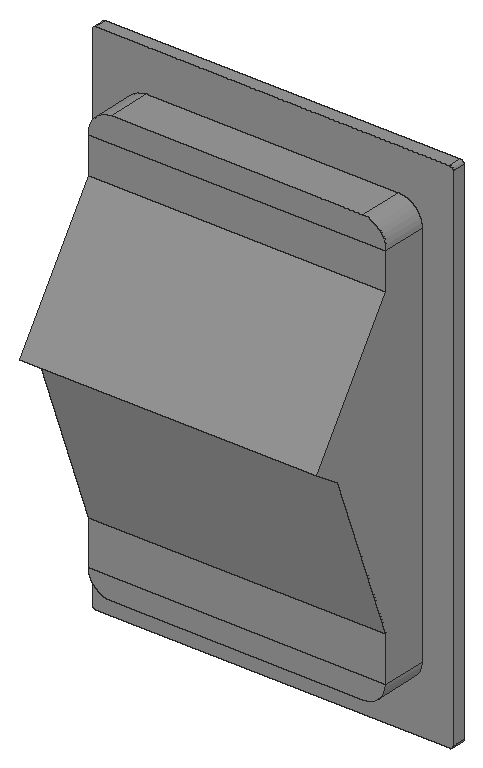
Revit family "L&L_LUCE&LIGHT_PASITO_MINI_1.1", category Lighting Fixtures, host Wall, Revit 2018 (continued)
Parameters (values of type "PASITO_MINI_1.1 – 60°")
    0.00 0.00 0.00 0.00 0.00 0.00 0.00 0.00 0.00 \r\n0.00 0.00 0.00 0.00 0.00 0.00 0.00 0.00 0.00 0.00 0.00 \r\n0.00 0.00 0.00 0.00 0.00 0.00 0.00 0.00 0.00 0.00 0.00 \r\n0.00 0.00 0.00 0.00 0.00 0.00 0.00 0.00 0.00 0.00 0.00 \r\n0.00 0.00 0.00 0.00 0.02 \r\n0.01 0.00 0.00 0.00 0.00 0.00 0.00 0.00 0.00 0.00 0.00 \r\n0.00 0.00 0.00 0.00 0.00 0.00 0.00 0.00 0.00 0.00 0.00 \r\n0.00 0.00 0.00 0.00 0.00 0.00 0.00 0.00 0.00 0.00 0.00 \r\n0.00 0.00 0.00 0.00 0.00 0.00 0.00 0.00 0.00 0.00 0.00 \r\n0.00 0.00 0.00 0.00 0.00 0.00 0.00 0.00 0.00 0.00 0.00 \r\n0.00 0.00 0.00 0.00 0.00 0.00 0.00 0.00 0.00 0.00 0.00 \r\n0.00 0.00 0.00 0.00 0.00 0.00 0.00 0.00 0.00 0.00 0.00 \r\n0.00 0.00 0.00 0.00 0.00 0.00 0.00 0.00 0.00 0.00 0.00 \r\n0.00 0.00 0.00 0.00 0.00 0.00 0.00 0.00 0.00 0.00 0.00 \r\n0.00 0.00 0.00 0.00 0.00 0.00 0.00 0.00 0.00 0.00 0.00 \r\n0.00 0.00 0.00 0.00 0.00 0.00 0.00 0.00 0.00 0.00 0.00 \r\n0.00 0.00 0.00 0.00 0.00 0.00 0.00 0.00 0.00 0.00 0.00 \r\n0.00 0.00 0.00 0.00 0.00 0.00 0.00 0.00 0.00 0.00 0.00 \r\n0.00 0.00 0.00 0.00 0.00 0.00 0.00 0.00 0.00 0.00 0.00 \r\n0.00 0.00 0.00 0.00 0.00 0.00 0.00 0.00 0.00 0.00 0.00 \r\n0.00 0.00 0.00 0.00 0.00 0.00 0.00 0.00 0.00 0.00 0.00 \r\n0.00 0.00 0.00 0.00 0.02 \r\n0.01 0.00 0.00 0.00 0.00 0.00 0.00 0.00 0.00 0.00 0.00 \r\n0.00 0.00 0.00 0.00 0.00 0.00 0.00 0.00 0.00 0.00 0.00 \r\n0.00 0.00 0.00 0.00 0.00 0.00 0.00 0.00 0.00 0.00 0.00 \r\n0.00 0.00 0.00 0.00 0.00 0.00 0.00 0.00 0.00 0.00 0.00 \r\n0.00 0.00 0.00 0.00 0.00 0.00 0.00 0.00 0.00 0.00 0.00 \r\n0.00 0.00 0.00 0.00 0.00 0.00 0.00 0.00 0.00 0.00 0.00 \r\n0.00 0.00 0.00 0.00 0.00 0.00 0.00 0.00 0.00 0.00 0.00 \r\n0.00 0.00 0.00 0.00 0.00 0.00 0.00 0.00 0.00 0.00 0.00 \r\n0.00 0.00 0.00 0.00 0.00 0.00 0.00 0.00 0.00 0.00 0.00 \r\n0.00 0.00 0.00 0.00 0.00 0.00 0.00 0.00 0.00 0.00 0.00 \r\n0.00 0.00 0.00 0.00 0.00 0.00 0.00 0.00 0.00 0.00 0.00 \r\n0.00 0.00 0.00 0.00 0.00 0.00 0.00 0.00 0.00 0.00 0.00 \r\n0.00 0.00 0.00 0.00 0.00 0.00 0.00 0.00 0.00 0.00 0.00 \r\n0.00 0.00 0.00 0.00 0.00 0.00 0.00 0.00 0.00 0.00 0.00 \r\n0.00 0.00 0.00 0.00 0.00 0.00 0.00 0.00 0.00 0.00 0.00 \r\n0.00 0.00 0.00 0.00 0.00 0.00 0.00 0.00 0.00 0.00 0.00 \r\n0.00 0.00 0.00 0.00 0.02 \r\n0.01 0.00 0.00 0.00 0.00 0.00 0.00 0.00 0.00 0.00 0.00 \r\n0.00 0.00 0.00 0.00 0.00 0.00 0.00 0.00 0.00 0.00 0.00 \r\n0.00 0.00 0.00 0.00 0.00 0.00 0.00 0.00 0.00 0.00 0.00 \r\n0.00 0.00 0.00 0.00 0.00 0.00 0.00 0.00 0.00 0.00 0.00 \r\n0.00 0.00 0.00 0.00 0.00 0.00 0.00 0.00 0.00 0.00 0.00 \r\n0.00 0.00 0.00 0.00 0.00 0.00 0.00 0.00 0.00 0.00 0.00 \r\n0.00 0.00 0.00 0.00 0.00 0.00 0.00 0.00 0.00 0.00 0.00 \r\n0.00 0.00 0.00 0.00 0.00 0.00 0.00 0.00 0.00 0.00 0.00 \r\n0.00 0.00 0.00 0.00 0.00 0.00 0.00 0.00 0.00 0.00 0.00 \r\n0.00 0.00 0.00 0.00 0.00 0.00 0.00 0.00 0.00 0.00 0.00 \r\n0.00 0.00 0.00 0.00 0.00 0.00 0.00 0.00 0.00 0.00 0.00 \r\n0.00 0.00 0.00 0.00 0.00 0.00 0.00 0.00 0.00 0.00 0.00 \r\n0.00 0.00 0.00 0.00 0.00 0.00 0.00 0.00 0.00 0.00 0.00 \r\n0.00 0.00 0.00 0.00 0.00 0.00 0.00 0.00 0.00 0.00 0.00 \r\n0.00 0.00 0.00 0.00 0.00 0.00 0.00 0.00 0.00 0.00 0.00 \r\n0.00 0.00 0.00 0.00 0.00 0.00 0.00 0.00 0.00 0.00 0.00 \r\n0.00 0.00 0.00 0.00 0.02 \r\n0.01 0.00 0.00 0.00 0.00 0.00 0.00 0.00 0.00 0.00 0.00 \r\n0.00 0.00 0.00 0.00 0.00 0.00 0.00 0.00 0.00 0.00 0.00 \r\n0.00 0.00 0.00 0.00 0.00 0.00 0.00 0.00 0.00 0.00 0.00 \r\n0.00 0.00 0.00 0.00 0.00 0.00 0.00 0.00 0.00 0.00 0.00 \r\n0.00 0.00 0.00 0.00 0.00 0.00 0.00 0.00 0.00 0.00 0.00 \r\n0.00 0.00 0.00 0.00 0.00 0.00 0.00 0.00 0.00 0.00 0.00 \r\n0.00 0.00 0.00 0.00 0.00 0.00 0.00 0.00 0.00 0.00 0.00 \r\n0.00 0.00 0.00 0.00 0.00 0.00 0.00 0.00 0.00 0.00 0.00 \r\n0.00 0.00 0.00 0.00 0.00 0.00 0.00 0.00 0.00 0.00 0.00 \r\n0.00 0.00 0.00 0.00 0.00 0.00 0.00 0.00 0.00 0.00 0.00 \r\n0.00 0.00 0.00 0.00 0.00 0.00 0.00 0.00 0.00 0.00 0.00 \r\n0.00 0.00 0.00 0.00 0.00 0.00 0.00 0.00 0.00 0.00 0.00 \r\n0.00 0.00 0.00 0.00 0.00 0.00 0.00 0.00 0.00 0.00 0.00 \r\n0.00 0.00 0.00 0.00 0.00 0.00 0.00 0.00 0.00 0.00 0.00 \r\n0.00 0.00 0.00 0.00 0.00 0.00 0.00 0.00 0.00 0.00 0.00 \r\n0.00 0.00 0.00 0.00 0.00 0.00 0.00 0.00 0.00 0.00 0.00 \r\n0.00 0.00 0.00 0.00 0.02 \r\n0.01 0.00 0.00 0.00 0.00 0.00 0.00 0.00 0.00 0.00 0.00 \r\n0.00 0.00 0.00 0.00 0.00 0.00 0.00 0.00 0.00 0.00 0.00 \r\n0.00 0.00 0.00 0.00 0.00 0.00 0.00 0.00 0.00 0.00 0.00 \r\n0.00 0.00 0.00 0.00 0.00 0.00 0.00 0.00 0.00 0.00 0.00 \r\n0.00 0.00 0.00 0.00 0.00 0.00 0.00 0.00 0.00 0.00 0.00 \r\n0.00 0.00 0.00 0.00 0.00 0.00 0.00 0.00 0.00 0.00 0.00 \r\n0.00 0.00 0.00 0.00 0.00 0.00 0.00 0.00 0.00 0.00 0.00 \r\n0.00 0.00 0.00 0.00 0.00 0.00 0.00 0.00 0.00 0.00 0.00 \r\n0.00 0.00 0.00 0.00 0.00 0.00 0.00 0.00 0.00 0.00 0.00 \r\n0.00 0.00 0.00 0.00 0.00 0.00 0.00 0.00 0.00 0.00 0.00 \r\n0.00 0.00 0.00 0.00 0.00 0.00 0.00 0.00 0.00 0.00 0.00 \r\n0.00 0.00 0.00 0.00 0.00 0.00 0.00 0.00 0.00 0.00 0.00 \r\n0.00 0.00 0.00 0.00 0.00 0.00 0.00 0.00 0.00 0.00 0.00 \r\n0.00 0.00 0.00 0.00 0.00 0.00 0.00 0.00 0.00 0.00 0.00 \r\n0.00 0.00 0.00 0.00 0.00 0.00 0.00 0.00 0.00 0.00 0.00 \r\n0.00 0.00 0.00 0.00 0.00 0.00 0.00 0.00 0.00 0.00 0.00 \r\n0.00 0.00 0.00 0.00 0.02 \r\n0.01 0.00 0.00 0.00 0.00 0.00 0.00 0.00 0.00 0.00 0.00 \r\n0.00 0.00 0.00 0.00 0.00 0.00 0.00 0.00 0.00 0.00 0.00 \r\n0.00 0.00 0.00 0.00 0.00 0.00 0.00 0.00 0.00 0.00 0.00 \r\n0.00 0.00 0.00 0.00 0.00 0.00 0.00 0.00 0.00 0.00 0.00 \r\n0.00 0.00 0.00 0.00 0.00 0.00 0.00 0.00 0.00 0.00 0.00 \r\n0.00 0.00 0.00 0.00 0.00 0.00 0.00 0.00 0.00 0.00 0.00 \r\n0.00 0.00 0.00 0.00 0.00 0.00 0.00 0.00 0.00 0.00 0.00 \r\n0.00 0.00 0.00 0.00 0.00 0.00 0.00 0.00 0.00 0.00 0.00 \r\n0.00 0.00 0.00 0.00 0.00 0.00 0.00 0.00 0.00 0.00 0.00 \r\n0.00 0.00 0.00 0.00 0.00 0.00 0.00 0.00 0.00 0.00 0.00 \r\n0.00 0.00 0.00 0.00 0.00 0.00 0.00 0.00 0.00 0.00 0.00 \r\n0.00 0.00 0.00 0.00 0.00 0.00 0.00 0.00 0.00 0.00 0.00 \r\n0.00 0.00 0.00 0.00 0.00 0.00 0.00 0.00 0.00 0.00 0.00 \r\n0.00 0.00 0.00 0.00 0.00 0.00 0.00 0.00 0.00 0.00 0.00 \r\n0.00 0.00 0.00 0.00 0.00 0.00 0.00 0.00 0.00 0.00 0.00 \r\n0.00 0.00 0.00 0.00 0.00 0.00 0.00 0.00 0.00 0.00 0.00 \r\n0.00 0.00 0.00 0.00 0.02 \r\n0.01 0.00 0.00 0.00 0.00 0.00 0.00 0.00 0.00 0.00 0.00 \r\n0.00 0.00 0.00 0.00 0.00 0.00 0.00 0.00 0.00 0.00 0.00 \r\n0.00 0.00 0.00 0.00 0.00 0.00 0.00 0.00 0.00 0.00 0.00 \r\n0.00 0.00 0.00 0.00 0.00 0.00 0.00 0.00 0.00 0.00 0.00 \r\n0.00 0.00 0.00 0.00 0.00 0.00 0.00 0.00 0.00 0.00 0.00 \r\n0.00 0.00 0.00 0.00 0.00 0.00 0.00 0.00 0.00 0.00 0.00 \r\n0.00 0.00 0.00 0.00 0.00 0.00 0.00 0.00 0.00 0.00 0.00 \r\n0.00 0.00 0.00 0.00 0.00 0.00 0.00 0.00 0.00 0.00 0.00 \r\n0.00 0.00 0.00 0.00 0.00 0.00 0.00 0.00 0.00 0.00 0.00 \r\n0.00 0.00 0.00 0.00 0.00 0.00 0.00 0.00 0.00 0.00 0.00 \r\n0.00 0.00 0.00 0.00 0.00 0.00 0.00 0.00 0.00 0.00 0.00 \r\n0.00 0.00 0.00 0.00 0.00 0.00 0.00 0.00 0.00 0.00 0.00 \r\n0.00 0.00 0.00 0.00 0.00 0.00 0.00 0.00 0.00 0.00 0.00 \r\n0.00 0.00 0.00 0.00 0.00 0.00 0.00 0.00 0.00 0.00 0.00 \r\n0.00 0.00 0.00 0.00 0.00 0.00 0.00 0.00 0.00 0.00 0.00 \r\n0.00 0.00 0.00 0.00 0.00 0.00 0.00 0.00 0.00 0.00 0.00 \r\n0.00 0.00 0.00 0.00 0.02 \r\n0.01 0.00 0.00 0.00 0.00 0.00 0.00 0.00 0.00 0.00 0.00 \r\n0.00 0.00 0.00 0.00 0.00 0.00 0.00 0.00 0.00 0.00 0.00 \r\n0.00 0.00 0.00 0.00 0.00 0.00 0.00 0.00 0.00 0.00 0.00 \r\n0.00 0.00 0.00 0.00 0.00 0.00 0.00 0.00 0.00 0.00 0.00 \r\n0.00 0.00 0.00 0.00 0.00 0.00 0.00 0.00 0.00 0.00 0.00 \r\n0.00 0.00 0.00 0.00 0.00 0.00 0.00 0.00 0.00 0.00 0.00 \r\n0.00 0.00 0.00 0.00 0.00 0.00 0.00 0.00 0.00 0.00 0.00 \r\n0.00 0.00 0.00 0.00 0.00 0.00 0.00 0.00 0.00 0.00 0.00 \r\n0.00 0.00 0.00 0.00 0.00 0.00 0.00 0.00 0.00 0.00 0.00 \r\n0.00 0.00 0.00 0.00 0.00 0.00 0.00 0.00 0.00 0.00 0.00 \r\n0.00 0.00 0.00 0.00 0.00 0.00 0.00 0.00 0.00 0.00 0.00 \r\n0.00 0.00 0.00 0.00 0.00 0.00 0.00 0.00 0.00 0.00 0.00 \r\n0.00 0.00 0.00 0.00 0.00 0.00 0.00 0.00 0.00 0.00 0.00 \r\n0.00 0.00 0.00 0.00 0.00 0.00 0.00 0.00 0.00 0.00 0.00 \r\n0.00 0.00 0.00 0.00 0.00 0.00 0.00 0.00 0.00 0.00 0.00 \r\n0.00 0.00 0.00 0.00 0.00 0.00 0.00 0.00 0.00 0.00 0.00 \r\n0.00 0.00 0.00 0.00 0.02 \r\n0.01 0.00 0.00 0.00 0.00 0.00 0.00 0.00 0.00 0.00 0.00 \r\n0.00 0.00 0.00 0.00 0.00 0.00 0.00 0.00 0.00 0.00 0.00 \r\n0.00 0.00 0.00 0.00 0.00 0.00 0.00 0.00 0.00 0.00 0.00 \r\n0.00 0.00 0.00 0.00 0.00 0.00 0.00 0.00 0.00 0.00 0.00 \r\n0.00 0.00 0.00 0.00 0.00 0.00 0.00 0.00 0.00 0.00 0.00 \r\n0.00 0.00 0.00 0.00 0.00 0.00 0.00 0.00 0.00 0.00 0.00 \r\n0.00 0.00 0.00 0.00 0.00 0.00 0.00 0.00 0.00 0.00 0.00 \r\n0.00 0.00 0.00 0.00 0.00 0.00 0.00 0.00 0.00 0.00 0.00 \r\n0.00 0.00 0.00 0.00 0.00 0.00 0.00 0.00 0.00 0.00 0.00 \r\n0.00 0.00 0.00 0.00 0.00 0.00 0.00 0.00 0.00 0.00 0.00 \r\n0.00 0.00 0.00 0.00 0.00 0.00 0.00 0.00 0.00 0.00 0.00 \r\n0.00 0.00 0.00 0.00 0.00 0.00 0.00 0.00 0.00 0.00 0.00 \r\n0.00 0.00 0.00 0.00 0.00 0.00 0.00 0.00 0.00 0.00 0.00 \r\n0.00 0.00 0.00 0.00 0.00 0.00 0.00 0.00 0.00 0.00 0.00 \r\n0.00 0.00 0.00 0.00 0.00 0.00 0.00 0.00 0.00 0.00 0.00 \r\n0.00 0.00 0.00 0.00 0.00 0.00 0.00 0.00 0.00 0.00 0.00 \r\n0.00 0.00 0.00 0.00 0.02 \r\n0.01 0.00 0.00 0.00 0.00 0.00 0.00 0.00 0.00 0.00 0.00 \r\n0.00 0.00 0.00 0.00 0.00 0.00 0.00 0.00 0.00 0.00 0.00 \r\n0.00 0.00 0.00 0.00 0.00 0.00 0.00 0.00 0.00 0.00 0.00 \r\n0.00 0.00 0.00 0.00 0.00 0.00 0.00 0.00 0.00 0.00 0.00 \r\n0.00 0.00 0.00 0.00 0.00 0.00 0.00 0.00 0.00 0.00 0.00 \r\n0.00 0.00 0.00 0.00 0.00 0.00 0.00 0.00 0.00 0.00 0.00 \r\n0.00 0.00 0.00 0.00 0.00 0.00 0.00 0.00 0.00 0.00 0.00 \r\n0.00 0.00 0.00 0.00 0.00 0.00 0.00 0.00 0.00 0.00 0.00 \r\n0.00 0.00 0.00 0.00 0.00 0.00 0.00 0.00 0.00 0.00 0.00 \r\n0.00 0.00 0.00 0.00 0.00 0.00 0.00 0.00 0.00 0.00 0.00 \r\n0.00 0.00 0.00 0.00 0.00 0.00 0.00 0.00 0.00 0.00 0.00 \r\n0.00 0.00 0.00 0.00 0.00 0.00 0.00 0.00 0.00 0.00 0.00 \r\n0.00 0.00 0.00 0.00 0.00 0.00 0.00 0.00 0.00 0.00 0.00 \r\n0.00 0.00 0.00 0.00 0.00 0.00 0.00 0.00 0.00 0.00 0.00 \r\n0.00 0.00 0.00 0.00 0.00 0.00 0.00 0.00 0.00 0.00 0.00 \r\n0.00 0.00 0.00 0.00 0.00 0.00 0.00 0.00 0.00 0.00 0.00 \r\n0.00 0.00 0.00 0.00 0.02 \r\n0.01 0.00 0.00 0.00 0.00 0.00 0.00 0.00 0.00 0.00 0.00 \r\n0.00 0.00 0.00 0.00 0.00 0.00 0.00 0.00 0.00 0.00 0.00 \r\n0.00 0.00 0.00 0.00 0.00 0.00 0.00 0.00 0.00 0.00 0.00 \r\n0.00 0.00 0.00 0.00 0.00 0.00 0.00 0.00 0.00 0.00 0.00 \r\n0.00 0.00 0.00 0.00 0.00 0.00 0.00 0.00 0.00 0.00 0.00 \r\n0.00 0.00 0.00 0.00 0.00 0.00 0.00 0.00 0.00 0.00 0.00 \r\n0.00 0.00 0.00 0.00 0.00 0.00 0.00 0.00 0.00 0.00 0.00 \r\n0.00 0.00 0.00 0.00 0.00 0.00 0.00 0.00 0.00 0.00 0.00 \r\n0.00 0.00 0.00 0.00 0.00 0.00 0.00 0.00 0.00 0.00 0.00 \r\n0.00 0.00 0.00 0.00 0.00 0.00 0.00 0.00 0.00 0.00 0.00 \r\n0.00 0.00 0.00 0.00 0.00 0.00 0.00 0.00 0.00 0.00 0.00 \r\n0.00 0.00 0.00 0.00 0.00 0.00 0.00 0.00 0.00 0.00 0.00 \r\n0.00 0.00 0.00 0.00 0.00 0.00 0.00 0.00 0.00 0.00 0.00 \r\n0.00 0.00 0.00 0.00 0.00 0.00 0.00 0.00 0.00 0.00 0.00 \r\n0.00 0.00 0.00 0.00 0.00 0.00 0.00 0.00 0.00 0.00 0.00 \r\n0.00 0.00 0.00 0.00 0.00 0.00 0.00 0.00 0.00 0.00 0.00 \r\n0.00 0.00 0.00 0.00 0.02 \r\n0.01 0.01 0.00 0.00 0.00 0.00 0.00 0.00 0.00 0.00 0.00 \r\n0.00 0.00 0.00 0.00 0.00 0.00 0.00 0.00 0.00 0.00 0.00 \r\n0.00 0.00 0.00 0.00 0.00 0.00 0.00 0.00 0.00 0.00 0.00 \r\n0.00 0.00 0.00 0.00 0.00 0.00 0.00 0.00 0.00 0.00 0.00 \r\n0.00 0.00 0.00 0.00 0.00 0.00 0.00 0.00 0.00 0.00 0.00 \r\n0.00 0.00 0.00 0.00 0.00 0.00 0.00 0.00 0.00 0.00 0.00 \r\n0.00 0.00 0.00 0.00 0.00 0.00 0.00 0.00 0.00 0.00 0.00 \r\n0.00 0.00 0.00 0.00 0.00 0.00 0.00 0.00 0.00 0.00 0.00 \r\n0.00 0.00 0.00 0.00 0.00 0.00 0.00 0.00 0.00 0.00 0.00 \r\n0.00 0.00 0.00 0.00 0.00 0.00 0.00 0.00 0.00 0.00 0.00 \r\n0.00 0.00 0.00 0.00 0.00 0.00 0.00 0.00 0.00 0.00 0.00 \r\n0.00 0.00 0.00 0.00 0.00 0.00 0.00 0.00 0.00 0.00 0.00 \r\n0.00 0.00 0.00 0.00 0.00 0.00 0.00 0.00 0.00 0.00 0.00 \r\n0.00 0.00 0.00 0.00 0.00 0.00 0.00 0.00 0.00 0.00 0.00 \r\n0.00 0.00 0.00 0.00 0.00 0.00 0.00 0.00 0.00 0.00 0.00 \r\n0.00 0.00 0.00 0.00 0.00 0.00 0.00 0.00 0.00 0.00 0.00 \r\n0.00 0.00 0.00 0.00 0.02 \r\n0.01 0.01 0.00 0.00 0.00 0.00 0.00 0.00 0.00 0.00 0.00 \r\n0.00 0.00 0.00 0.00 0.00 0.00 0.00 0.00 0.00 0.00 0.00 \r\n0.00 0.00 0.00 0.00 0.00 0.00 0.00 0.00 0.00 0.00 0.00 \r\n0.00 0.00 0.00 0.00 0.00 0.00 0.00 0.00 0.00 0.00 0.00 \r\n0.00 0.00 0.00 0.00 0.00 0.00 0.00 0.00 0.00 0.00 0.00 \r\n0.00 0.00 0.00 0.00 0.00 0.00 0.00 0.00 0.00 0.00 0.00 \r\n0.00 0.00 0.00 0.00 0.00 0.00 0.00 0.00 0.00 0.00 0.00 \r\n0.00 0.00 0.00 0.00 0.00 0.00 0.00 0.00 0.00 0.00 0.00 \r\n0.00 0.00 0.00 0.00 0.00 0.00 0.00 0.00 0.00 0.00 0.00 \r\n0.00 0.00 0.00 0.00 0.00 0.00 0.00 0.00 0.00 0.00 0.00 \r\n0.00 0.00 0.00 0.00 0.00 0.00 0.00 0.00 0.00 0.00 0.00 \r\n0.00 0.00 0.00 0.00 0.00 0.00 0.00 0.00 0.00 0.00 0.00 \r\n0.00 0.00 0.00 0.00 0.00 0.00 0.00 0.00 0.00 0.00 0.00 \r\n0.00 0.00 0.00 0.00 0.00 0.00 0.00 0.00 0.00 0.00 0.00 \r\n0.00 0.00 0.00 0.00 0.00 0.00 0.00 0.00 0.00 0.00 0.00 \r\n0.00 0.00 0.00 0.00 0.00 0.00 0.00 0.00 0.00 0.00 0.00 \r\n0.00 0.00 0.00 0.00 0.02 \r\n0.01 0.01 0.00 0.00 0.00 0.00 0.00 0.00 0.00 0.00 0.00 \r\n0.00 0.00 0.00 0.00 0.00 0.00 0.00 0.00 0.00 0.00 0.00 \r\n0.00 0.00 0.00 0.00 0.00 0.00 0.00 0.00 0.00 0.00 0.00 \r\n0.00 0.00 0.00 0.00 0.00 0.00 0.00 0.00 0.00 0.00 0.00 \r\n0.00 0.00 0.00 0.00 0.00 0.00 0.00 0.00 0.00 0.00 0.00 \r\n0.00 0.00 0.00 0.00 0.00 0.00 0.00 0.00 0.00 0.00 0.00 \r\n0.00 0.00 0.00 0.00 0.00 0.00 0.00 0.00 0.00 0.00 0.00 \r\n0.00 0.00 0.00 0.00 0.00 0.00 0.00 0.00 0.00 0.00 0.00 \r\n0.00 0.00 0.00 0.00 0.00 0.00 0.00 0.00 0.00 0.00 0.00 \r\n0.00 0.00 0.00 0.00 0.00 0.00 0.00 0.00 0.00 0.00 0.00 \r\n0.00 0.00 0.00 0.00 0.00 0.00 0.00 0.00 0.00 0.00 0.00 \r\n0.00 0.00 0.00 0.00 0.00 0.00 0.00 0.00 0.00 0.00 0.00 \r\n0.00 0.00 0.00 0.00 0.00 0.00 0.00 0.00 0.00 0.00 0.00 \r\n0.00 0.00 0.00 0.00 0.00 0.00 0.00 0.00 0.00 0.00 0.00 \r\n0.00 0.00 0.00 0.00 0.00 0.00 0.00 0.00 0.00 0.00 0.00 \r\n0.00 0.00 0.00 0.00 0.00 0.00 0.00 0.00 0.00 0.00 0.00 \r\n0.00 0.00 0.00 0.01 0.02 \r\n0.01 0.01 0.00 0.00 0.00 0.00 0.00 0.00 0.00 0.00 0.00 \r\n0.00 0.00 0.00 0.00 0.00 0.00 0.00 0.00 0.00 0.00 0.00 \r\n0.00 0.00 0.00 0.00 0.00 0.00 0.00 0.00 0.00 0.00 0.00 \r\n0.00 0.00 0.00 0.00 0.00 0.00 0.00 0.00 0.00 0.00 0.00 \r\n0.00 0.00 0.00 0.00 0.00 0.00 0.00 0.00 0.00 0.00 0.00 \r\n0.00 0.00 0.00 0.00 0.00 0.00 0.00 0.00 0.00 0.00 0.00 \r\n0.00 0.00 0.00 0.00 0.00 0.00 0.00 0.00 0.00 0.00 0.00 \r\n0.00 0.00 0.00 0.00 0.00 0.00 0.00 0.00 0.00 0.00 0.00 \r\n0.00 0.00 0.00 0.00 0.00 0.00 0.00 0.00 0.00 0.00 0.00 \r\n0.00 0.00 0.00 0.00 0.00 0.00 0.00 0.00 0.00 0.00 0.00 \r\n0.00 0.00 0.00 0.00 0.00 0.00 0.00 0.00 0.00 0.00 0.00 \r\n0.00 0.00 0.00 0.00 0.00 0.00 0.00 0.00 0.00 0.00 0.00 \r\n0.00 0.00 0.00 0.00 0.00 0.00 0.00 0.00 0.00 0.00 0.00 \r\n0.00 0.00 0.00 0.00 0.00 0.00 0.00 0.00 0.00 0.00 0.00 \r\n0.00 0.00 0.00 0.00 0.00 0.00 0.00 0.00 0.00 0.00 0.00 \r\n0.00 0.00 0.00 0.00 0.00 0.00 0.00 0.00 0.00 0.00 0.00 \r\n0.00 0.00 0.00 0.01 0.02 \r\n0.01 0.01 0.00 0.00 0.00 0.00 0.00 0.00 0.00 0.00 0.00 \r\n0.00 0.00 0.00 0.00 0.00 0.00 0.00 0.00 0.00 0.00 0.00 \r\n0.00 0.00 0.00 0.00 0.00 0.00 0.00 0.00 0.00 0.00 0.00 \r\n0.00 0.00 0.00 0.00 0.00 0.00 0.00 0.00 0.00 0.00 0.00 \r\n0.00 0.00 0.00 0.00 0.00 0.00 0.00 0.00 0.00 0.00 0.00 \r\n0.00 0.00 0.00 0.00 0.00 0.00 0.00 0.00 0.00 0.00 0.00 \r\n0.00 0.00 0.00 0.00 0.00 0.00 0.00 0.00 0.00 0.00 0.00 \r\n0.00 0.00 0.00 0.00 0.00 0.00 0.00 0.00 0.00 0.00 0.00 \r\n0.00 0.00 0.00 0.00 0.00 0.00 0.00 0.00 0.00 0.00 0.00 \r\n0.00 0.00 0.00 0.00 0.00 0.00 0.00 0.00 0.00 0.00 0.00 \r\n0.00 0.00 0.00 0.00 0.00 0.00 0.00 0.00 0.00 0.00 0.00 \r\n0.00 0.00 0.00 0.00 0.00 0.00 0.00 0.00 0.00 0.00 0.00 \r\n0.00 0.00 0.00 0.00 0.00 0.00 0.00 0.00 0.00 0.00 0.00 \r\n0.00 0.00 0.00 0.00 0.00 0.00 0.00 0.00 0.00 0.00 0.00 \r\n0.00 0.00 0.00 0.00 0.00 0.00 0.00 0.00 0.00 0.00 0.00 \r\n0.00 0.00 0.00 0.00 0.00 0.00 0.00 0.00 0.00 0.00 0.00 \r\n0.00 0.00 0.00 0.01 0.02 \r\n0.01 0.01 0.00 0.00 0.00 0.00 0.00 0.00 0.00 0.00 0.00 \r\n0.00 0.00 0.00 0.00 0.00 0.00 0.00 0.00 0.00 0.00 0.00 \r\n0.00 0.00 0.00 0.00 0.00 0.00 0.00 0.00 0.00 0.00 0.00 \r\n0.00 0.00 0.00 0.00 0.00 0.00 0.00 0.00 0.00 0.00 0.00 \r\n0.00 0.00 0.00 0.00 0.00 0.00 0.00 0.00 0.00 0.00 0.00 \r\n0.00 0.00 0.00 0.00 0.00 0.00 0.00 0.00 0.00 0.00 0.00 \r\n0.00 0.00 0.00 0.00 0.00 0.00 0.00 0.00 0.00 0.00 0.00 \r\n0.00 0.00 0.00 0.00 0.00 0.00 0.00 0.00 0.00 0.00 0.00 \r\n0.00 0.00 0.00 0.00 0.00 0.00 0.00 0.00 0.00 0.00 0.00 \r\n0.00 0.00 0.00 0.00 0.00 0.00 0.00 0.00 0.00 0.00 0.00 \r\n0.00 0.00 0.00 0.00 0.00 0.00 0.00 0.00 0.00 0.00 0.00 \r\n0.00 0.00 0.00 0.00 0.00 0.00 0.00 0.00 0.00 0.00 0.00 \r\n0.00 0.00 0.00 0.00 0.00 0.00 0.00 0.00 0.00 0.
